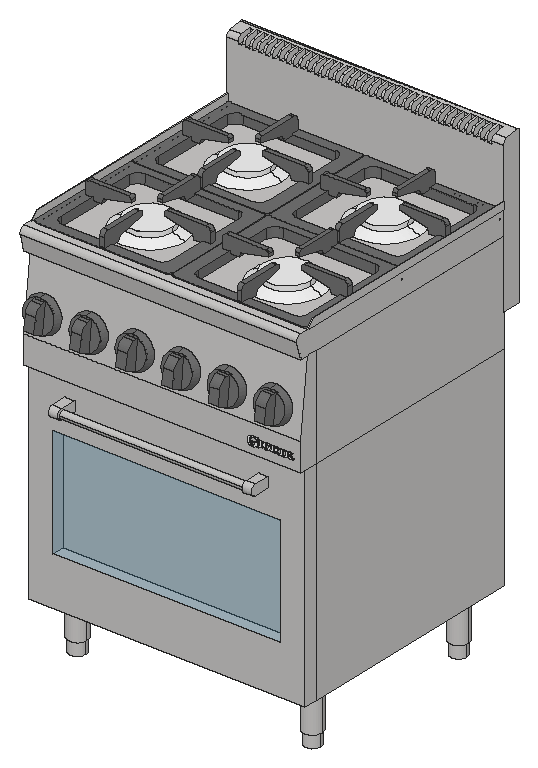
Revit family "QF_GIORIK_LPG694E", category Specialty Equipment, Revit 2014
Parameters (values of type "LPG694E")
  Weight in Pounds = 196.2112
  Watts = 2200 W
  Volts = 230 V
  URL Cutsheet = "www.giorik.com"
  URL = "www.giorik.com"
  Status [instance] = ""
  Specification by User [instance] = ""
  Specification by Manufacturer = ""
  Show Logo [instance] = yes
  Show Clearance [instance] = yes
  Serial Number = ""
  Seismic Rating = ""
  SMACNA No = ""
  Revision Code [instance] = ""
  Phase = 1
  Number of Poles [instance] = 1
  NAFEM Spec ID Number = ""
  Model = "LPG694E"
  Min Ckt Ampacity = 0 A
  Mechanical Remarks [instance] = ""
  Mechanical Connection Type [instance] = ""
  Max Overcurrent Protection = 0 A
  Masterspec = ""
  Manufacturer = "GIORIK"
  Item Number [instance] = ""
  Installed By [instance] = ""
  Identify Quantity as Lot [instance] = no
  HP = "2.950244000000"
  Gas Size = 1"
  Gas RI Height [instance] = 0 mm
  Gas KW = 19
  Gas Input = 19000 W
  Gas Connection Height [instance] = 600 mm
  Furnished By [instance] = ""
  Foodservice Equipment Identifier [instance] = yes
  FL Amps = 0 A
  Electrical Remarks [instance] = ""
  Electric Connection Type [instance] = ""
  Elec Conn RI Height [instance] = 0 mm
  Elec Conn Connection Height [instance] = 600 mm
  Description = "4 BURNERS BOILING TOP WITH ELECTRIC OVEN"
  Cycle = 50 Hz
  Conn Plug = ""
  Conn Conduit [instance] = no
  CSI MasterFormat = ""
  Assembly Code = "E1090320"
  Apparent Power = 2200 VA
Reference planes
  plane 1 "Back": y = 0
  plane 2: z = 0
  plane 3 "Left": x = 0
  plane 4 "Right": x = 600
  plane 5 "Front": y = -600
  plane 6 "Top": z = 990
Forms (mm)
  Extrusion 1, solid
    sketch origin (0, 1000, -20) x (0, 1, 0) y (0, 0, 1)
      loop
        line (-1040.007, 869.975) -> (-1589.445, 869.975)
        arc (-1589.445, 869.975) -> (-1598.171, 865.672) -> (-1600.069, 856.13) r 10.999
        line (-1600.069, 856.13) -> (-1590.388, 820) -> (-1040.007, 820) -> (-1040.007, 869.975)
    from 0 to 600
  Extrusion 2, solid
    sketch origin (0, 0, 599.536) x (1, 0, 0) y (0, 1, 0)
      loop
        line (0, -550) -> (600, -550) -> (600, -40.007) -> (0, -40.007) -> (0, -550)
    from -479.536 to -19.536
  Extrusion 3, solid
    sketch origin (0, -645.251, 0) x (1, 0, 0) y (0, 0, 1)
      loop
        line (0, 580) -> (0, 120) -> (600, 120) -> (600, 580) -> (0, 580)
      loop
        line (52.345, 225.367) -> (547.299, 225.367) -> (547.299, 465.345) -> (52.345, 465.345) -> (52.345, 225.367)
    from -95.251 to -67.204
  Extrusion 4, solid
    sketch origin (0, -560.251, 0) x (1, 0, 0) y (0, 0, 1)
      loop
        line (52.345, 465.345) -> (52.345, 225.367) -> (547.299, 225.367) -> (547.299, 465.345) -> (52.345, 465.345)
    from -10.251 to 17.796
  Revolve 5, solid
    sketch origin (-599.9, -105.49, 0) x (1, 0, 0) y (0, 0, 1)
      loop
        line (1133.944, 120) -> (1133.944, 28.558) -> (1137.444, 28.558) -> (1137.444, 0) -> (1154.944, 0) -> (1154.944, 120) -> (1133.944, 120)
      axis (1154.944, 120) -> (1154.944, 0)
    angle from 0 to 360
  Revolve 6, solid
    sketch origin (-599.9, -501.453, 0) x (1, 0, 0) y (0, 0, 1)
      loop
        line (1133.944, 120) -> (1133.944, 28.558) -> (1137.444, 28.558) -> (1137.444, 0) -> (1154.944, 0) -> (1154.944, 120) -> (1133.944, 120)
      axis (1154.944, 120) -> (1154.944, 0)
    angle from 0 to 360
  Extrusion 7, solid
    sketch origin (0, 0, 0) x (0, 1, 0) y (0, 0, 1)
      loop
        line (-570.06, 849.975) -> (-40.007, 849.975) -> (-40.007, 865.387) -> (-554.648, 865.387) -> (-570.06, 849.975)
    from 0 to 1.85
  Extrusion 8, solid
    sketch origin (0, 0, 0) x (0, 1, 0) y (0, 0, 1)
      loop
        line (-40.007, 800) -> (-550, 800) -> (-550, 580) -> (-40.007, 580) -> (-40.007, 800)
    from 0 to 600
  Extrusion 9, solid
    sketch origin (0, 0, 0) x (0, 1, 0) y (0, 0, 1)
      loop
        line (-550, 800) -> (-570.5, 800) -> (-590, 640) -> (-590, 580) -> (-550, 580) -> (-550, 800)
    from 0 to 600
  Revolve 10, solid
    sketch origin (50.155, 0.456, -0.03) x (0, 1, 0) y (0, 0, 1)
      loop
        line (-598.03, 706.389) -> (-594.27, 737.013) -> (-609.648, 734.852) -> (-613.772, 701.269) -> (-581.482, 697.305) -> (-580.629, 704.252) -> (-598.03, 706.389)
      axis (-581.482, 697.305) -> (-613.772, 701.269)
    angle from 0 to 360
  Extrusion 11, solid
    sketch origin (598.094, 0, 0) x (0, 1, 0) y (0, 0, 1)
      loop
        line (-570.06, 849.975) -> (-40.007, 849.975) -> (-40.007, 865.387) -> (-554.648, 865.387) -> (-570.06, 849.975)
    from -0.15 to 1.906
  Extrusion 12, solid
    sketch origin (0, 0, 0) x (0, 1, 0) y (0, 0, 1)
      loop
        line (-40.007, 974.217) -> (-40.007, 650.827) -> (0, 650.827) -> (0, 988.42)
        arc (0, 988.42) -> (-0.57, 989.648) -> (-1.878, 990) r 1.6
        line (-1.878, 990) -> (-31.072, 984.852)
        arc (-31.072, 984.852) -> (-37.477, 981.162) -> (-40.007, 974.217) r 10.797
    from 0 to 600
  Extrusion 13, solid
    sketch origin (-112.831, 0.456, -0.03) x (0, 1, 0) y (0, 0, 1)
      loop
        line (-635.843, 711.553) -> (-639.647, 680.575) -> (-617.415, 671.593) -> (-610.135, 730.882) -> (-617.934, 729.786)
        arc (-617.934, 729.786) -> (-629.982, 723.708) -> (-635.843, 711.553) r 20.998
    from 151.831 to 173.831
  Revolve 14, solid
    sketch origin (150.132, 0.456, -0.03) x (0, 1, 0) y (0, 0, 1)
      loop
        line (-598.03, 706.389) -> (-594.27, 737.013) -> (-609.648, 734.852) -> (-613.772, 701.269) -> (-581.482, 697.305) -> (-580.629, 704.252) -> (-598.03, 706.389)
      axis (-581.482, 697.305) -> (-613.772, 701.269)
    angle from 0 to 360
  Extrusion 15, solid
    sketch origin (-12.854, 0.456, -0.03) x (0, 1, 0) y (0, 0, 1)
      loop
        line (-635.843, 711.553) -> (-639.647, 680.575) -> (-617.415, 671.593) -> (-610.135, 730.882) -> (-617.934, 729.786)
        arc (-617.934, 729.786) -> (-629.982, 723.708) -> (-635.843, 711.553) r 20.998
    from 151.831 to 173.831
  Revolve 16, solid
    sketch origin (250.155, 0.456, -0.03) x (0, 1, 0) y (0, 0, 1)
      loop
        line (-598.03, 706.389) -> (-594.27, 737.013) -> (-609.648, 734.852) -> (-613.772, 701.269) -> (-581.482, 697.305) -> (-580.629, 704.252) -> (-598.03, 706.389)
      axis (-581.482, 697.305) -> (-613.772, 701.269)
    angle from 0 to 360
  Extrusion 17, solid
    sketch origin (87.169, 0.456, -0.03) x (0, 1, 0) y (0, 0, 1)
      loop
        line (-635.843, 711.553) -> (-639.647, 680.575) -> (-617.415, 671.593) -> (-610.135, 730.882) -> (-617.934, 729.786)
        arc (-617.934, 729.786) -> (-629.982, 723.708) -> (-635.843, 711.553) r 20.998
    from 151.831 to 173.831
  Revolve 18, solid
    sketch origin (350.155, 0.456, -0.03) x (0, 1, 0) y (0, 0, 1)
      loop
        line (-598.03, 706.389) -> (-594.27, 737.013) -> (-609.648, 734.852) -> (-613.772, 701.269) -> (-581.482, 697.305) -> (-580.629, 704.252) -> (-598.03, 706.389)
      axis (-581.482, 697.305) -> (-613.772, 701.269)
    angle from 0 to 360
  Extrusion 19, solid
    sketch origin (187.169, 0.456, -0.03) x (0, 1, 0) y (0, 0, 1)
      loop
        line (-635.843, 711.553) -> (-639.647, 680.575) -> (-617.415, 671.593) -> (-610.135, 730.882) -> (-617.934, 729.786)
        arc (-617.934, 729.786) -> (-629.982, 723.708) -> (-635.843, 711.553) r 20.998
    from 151.831 to 173.831
  Revolve 20, solid
    sketch origin (450.155, 0.456, -0.03) x (0, 1, 0) y (0, 0, 1)
      loop
        line (-598.03, 706.389) -> (-594.27, 737.013) -> (-609.648, 734.852) -> (-613.772, 701.269) -> (-581.482, 697.305) -> (-580.629, 704.252) -> (-598.03, 706.389)
      axis (-581.482, 697.305) -> (-613.772, 701.269)
    angle from 0 to 360
  Extrusion 21, solid
    sketch origin (287.169, 0.456, -0.03) x (0, 1, 0) y (0, 0, 1)
      loop
        line (-635.843, 711.553) -> (-639.647, 680.575) -> (-617.415, 671.593) -> (-610.135, 730.882) -> (-617.934, 729.786)
        arc (-617.934, 729.786) -> (-629.982, 723.708) -> (-635.843, 711.553) r 20.998
    from 151.831 to 173.831
  Revolve 22, solid
    sketch origin (550.155, 0.456, -0.03) x (0, 1, 0) y (0, 0, 1)
      loop
        line (-598.03, 706.389) -> (-594.27, 737.013) -> (-609.648, 734.852) -> (-613.772, 701.269) -> (-581.482, 697.305) -> (-580.629, 704.252) -> (-598.03, 706.389)
      axis (-581.482, 697.305) -> (-613.772, 701.269)
    angle from 0 to 360
  Extrusion 23, solid
    sketch origin (387.169, 0.456, -0.03) x (0, 1, 0) y (0, 0, 1)
      loop
        line (-635.843, 711.553) -> (-639.647, 680.575) -> (-617.415, 671.593) -> (-610.135, 730.882) -> (-617.934, 729.786)
        arc (-617.934, 729.786) -> (-629.982, 723.708) -> (-635.843, 711.553) r 20.998
    from 151.831 to 173.831
  Extrusion 24, solid
    sketch origin (0, 8.303, 0) x (0, 1, 0) y (0, 0, 1)
      loop
        line (-620.347, 517.339) -> (-586.35, 517.339) -> (-586.35, 539.337) -> (-620.347, 539.337)
        arc (-620.347, 539.337) -> (-631.346, 528.338) -> (-620.347, 517.339) r 10.999
    from 79.843 to 99.841
  Extrusion 25, solid
    sketch origin (419.961, 8.303, 0) x (0, 1, 0) y (0, 0, 1)
      loop
        line (-620.347, 517.339) -> (-586.35, 517.339) -> (-586.35, 539.337) -> (-620.347, 539.337)
        arc (-620.347, 539.337) -> (-631.346, 528.338) -> (-620.347, 517.339) r 10.999
    from 79.843 to 99.841
  Extrusion 26, solid
    sketch origin (0, 8.303, 0) x (0, 1, 0) y (0, 0, 1)
      loop
        circle (-620.347, 528.338) r 8
    from 99.841 to 499.803
  Extrusion 27, solid, visible <- "Show Clearance", detail levels coarse
    sketch origin (0, 0, 0) x (0, 1, 0) y (0, 0, 1)
      loop
        line (-578.047, 120) -> (-578.047, 580)
        arc (-578.047, 580) -> (-903.316, 445.269) -> (-1038.047, 120) r 460
        line (-1038.047, 120) -> (-578.047, 120)
    from 0 to 600
  Revolve 28, solid
    sketch origin (-1109.9, -105.49, 0) x (1, 0, 0) y (0, 0, 1)
      loop
        line (1133.944, 120) -> (1133.944, 28.558) -> (1137.444, 28.558) -> (1137.444, 0) -> (1154.944, 0) -> (1154.944, 120) -> (1133.944, 120)
      axis (1154.944, 120) -> (1154.944, 0)
    angle from 0 to 360
  Revolve 29, solid
    sketch origin (-1109.9, -501.453, 0) x (1, 0, 0) y (0, 0, 1)
      loop
        line (1133.944, 120) -> (1133.944, 28.558) -> (1137.444, 28.558) -> (1137.444, 0) -> (1154.944, 0) -> (1154.944, 120) -> (1133.944, 120)
      axis (1154.944, 120) -> (1154.944, 0)
    angle from 0 to 360
  Extrusion 30, solid
    sketch origin (568.319, 0, 4) x (1, 0, 0) y (0, 0, 1)
      loop
        circle (-38.319, 606) r 12.5
    from 20.007 to 40.007
  Extrusion 31, solid, visible <- "Show Logo"
    sketch origin (391.604, -590.5, 553.887) x (-1, 0, 0) y (0, 0, 1)
      loop
        line (-118.824, 58.358) -> (-127.804, 58.358) -> (-125.523, 56.445) -> (-125.523, 48.027) -> (-127.804, 46.113) -> (-118.824, 46.113) -> (-121.105, 48.027) -> (-121.105, 56.445) -> (-118.824, 58.358)
      loop
        line (-163.721, 58.358) -> (-172.7, 58.358) -> (-170.42, 56.445) -> (-170.42, 48.027) -> (-172.7, 46.113) -> (-163.721, 46.113) -> (-166.001, 48.027) -> (-166.001, 56.445) -> (-163.721, 58.358)
      loop
        line (-174.332, 58.358) -> (-183.312, 58.358) -> (-181.031, 56.445) -> (-181.031, 52.435) -> (-186.419, 56.955) -> (-184.416, 58.358) -> (-191.268, 58.358) -> (-188.01, 56.839) -> (-185.455, 54.283) -> (-190.846, 47.858) -> (-193.396, 46.93) -> (-193.396, 46.113) -> (-184.416, 46.113) -> (-185.437, 47.571) -> (-182.443, 51.552) -> (-181.031, 50.894) -> (-181.031, 48.027) -> (-183.312, 46.113) -> (-174.332, 46.113) -> (-176.613, 48.027) -> (-176.613, 56.445) -> (-174.332, 58.358)
      loop
        line (-115.429, 62.063) -> (-115.429, 54.198)
        arc (-115.429, 54.198) -> (-111.618, 57.803) -> (-106.847, 59.986) r 16.039
        arc (-106.847, 59.986) -> (-103.314, 59.837) -> (-100.512, 57.68) r 5.851
        arc (-100.512, 57.68) -> (-98.815, 52.267) -> (-100.512, 46.853) r 9.479
        arc (-100.512, 46.853) -> (-102.406, 44.986) -> (-104.846, 43.93) r 7.236
        arc (-104.846, 43.93) -> (-107.728, 44.111) -> (-110.052, 45.825) r 5.11
        line (-110.052, 45.825) -> (-110.052, 52.001) -> (-116.141, 52.001) -> (-116.141, 45.503) -> (-117.893, 43.751) -> (-114.094, 44.769)
        arc (-114.094, 44.769) -> (-112.56, 44.947) -> (-111.129, 44.366) r 3.115
        arc (-111.129, 44.366) -> (-104.216, 42.091) -> (-97.303, 44.366) r 11.641
        arc (-97.303, 44.366) -> (-93.396, 52.107) -> (-97.303, 59.849) r 9.622
        arc (-97.303, 59.849) -> (-104.369, 62.174) -> (-111.435, 59.849) r 11.898
        line (-111.435, 59.849) -> (-115.429, 62.063)
      loop
        arc (-129.234, 56.068) -> (-135.893, 58.628) -> (-142.552, 56.068) r 9.941
        arc (-142.552, 56.068) -> (-144.234, 52.286) -> (-142.552, 48.505) r 5.093
        arc (-142.552, 48.505) -> (-135.893, 45.945) -> (-129.234, 48.505) r 9.941
        arc (-129.234, 48.505) -> (-127.552, 52.286) -> (-129.234, 56.068) r 5.093
      loop
        arc (-132.628, 54.403) -> (-135.893, 57.668) -> (-139.158, 54.403) r 3.265
        line (-139.158, 54.403) -> (-139.158, 50.169)
        arc (-139.158, 50.169) -> (-135.893, 46.904) -> (-132.628, 50.169) r 3.265
        line (-132.628, 50.169) -> (-132.628, 54.403)
      loop
        arc (-156.363, 58.365) -> (-159.647, 55.081) -> (-156.363, 51.796) r 3.285
        line (-156.363, 51.796) -> (-159.529, 47.306) -> (-162.087, 46.113) -> (-155.847, 46.113) -> (-153.529, 51.083) -> (-150.637, 51.083) -> (-150.637, 47.784) -> (-153.022, 46.113) -> (-144.011, 46.113) -> (-146.094, 47.68) -> (-146.094, 56.493) -> (-144.229, 58.365) -> (-156.363, 58.365)
      loop
        line (-150.637, 57.512) -> (-153.637, 57.512)
        arc (-153.637, 57.512) -> (-156.237, 54.912) -> (-153.637, 52.312) r 2.6
        line (-153.637, 52.312) -> (-150.637, 52.312) -> (-150.637, 57.512)
      loop
        line (-108.924, 52.001) -> (-104.936, 49.005) -> (-100.948, 52.001) -> (-108.924, 52.001)
    from 1.5 to -0.5
  Extrusion 32, void
    sketch origin (10, 0, 990) x (0, 1, 0) y (-1, 0, 0)
      loop
        line (-40.007, -25) -> (-9.931, -25) -> (-9.931, -15) -> (-40.007, -15) -> (-40.007, -25)
      loop
        line (-40.007, -40) -> (-9.931, -40) -> (-9.931, -30) -> (-40.007, -30) -> (-40.007, -40)
      loop
        line (-40.007, -55) -> (-9.931, -55) -> (-9.931, -45) -> (-40.007, -45) -> (-40.007, -55)
      loop
        line (-40.007, -70) -> (-9.931, -70) -> (-9.931, -60) -> (-40.007, -60) -> (-40.007, -70)
      loop
        line (-40.007, -85) -> (-9.931, -85) -> (-9.931, -75) -> (-40.007, -75) -> (-40.007, -85)
      loop
        line (-40.007, -100) -> (-9.931, -100) -> (-9.931, -90) -> (-40.007, -90) -> (-40.007, -100)
      loop
        line (-40.007, -115) -> (-9.931, -115) -> (-9.931, -105) -> (-40.007, -105) -> (-40.007, -115)
      loop
        line (-40.007, -130) -> (-9.931, -130) -> (-9.931, -120) -> (-40.007, -120) -> (-40.007, -130)
      loop
        line (-40.007, -145) -> (-9.931, -145) -> (-9.931, -135) -> (-40.007, -135) -> (-40.007, -145)
      loop
        line (-40.007, -160) -> (-9.931, -160) -> (-9.931, -150) -> (-40.007, -150) -> (-40.007, -160)
      loop
        line (-40.007, -175) -> (-9.931, -175) -> (-9.931, -165) -> (-40.007, -165) -> (-40.007, -175)
      loop
        line (-40.007, -190) -> (-9.931, -190) -> (-9.931, -180) -> (-40.007, -180) -> (-40.007, -190)
      loop
        line (-40.007, -205) -> (-9.931, -205) -> (-9.931, -195) -> (-40.007, -195) -> (-40.007, -205)
      loop
        line (-40.007, -220) -> (-9.931, -220) -> (-9.931, -210) -> (-40.007, -210) -> (-40.007, -220)
      loop
        line (-40.007, -235) -> (-9.931, -235) -> (-9.931, -225) -> (-40.007, -225) -> (-40.007, -235)
      loop
        line (-40.007, -250) -> (-9.931, -250) -> (-9.931, -240) -> (-40.007, -240) -> (-40.007, -250)
      loop
        line (-40.007, -265) -> (-9.931, -265) -> (-9.931, -255) -> (-40.007, -255) -> (-40.007, -265)
      loop
        line (-40.007, -280) -> (-9.931, -280) -> (-9.931, -270) -> (-40.007, -270) -> (-40.007, -280)
      loop
        line (-40.007, -295) -> (-9.931, -295) -> (-9.931, -285) -> (-40.007, -285) -> (-40.007, -295)
      loop
        line (-40.007, -310) -> (-9.931, -310) -> (-9.931, -300) -> (-40.007, -300) -> (-40.007, -310)
      loop
        line (-40.007, -325) -> (-9.931, -325) -> (-9.931, -315) -> (-40.007, -315) -> (-40.007, -325)
      loop
        line (-40.007, -340) -> (-9.931, -340) -> (-9.931, -330) -> (-40.007, -330) -> (-40.007, -340)
      loop
        line (-40.007, -355) -> (-9.931, -355) -> (-9.931, -345) -> (-40.007, -345) -> (-40.007, -355)
      loop
        line (-40.007, -370) -> (-9.931, -370) -> (-9.931, -360) -> (-40.007, -360) -> (-40.007, -370)
      loop
        line (-40.007, -385) -> (-9.931, -385) -> (-9.931, -375) -> (-40.007, -375) -> (-40.007, -385)
      loop
        line (-40.007, -400) -> (-9.931, -400) -> (-9.931, -390) -> (-40.007, -390) -> (-40.007, -400)
      loop
        line (-40.007, -415) -> (-9.931, -415) -> (-9.931, -405) -> (-40.007, -405) -> (-40.007, -415)
      loop
        line (-40.007, -430) -> (-9.931, -430) -> (-9.931, -420) -> (-40.007, -420) -> (-40.007, -430)
      loop
        line (-40.007, -445) -> (-9.931, -445) -> (-9.931, -435) -> (-40.007, -435) -> (-40.007, -445)
      loop
        line (-40.007, -460) -> (-9.931, -460) -> (-9.931, -450) -> (-40.007, -450) -> (-40.007, -460)
      loop
        line (-40.007, -475) -> (-9.931, -475) -> (-9.931, -465) -> (-40.007, -465) -> (-40.007, -475)
      loop
        line (-40.007, -490) -> (-9.931, -490) -> (-9.931, -480) -> (-40.007, -480) -> (-40.007, -490)
      loop
        line (-40.007, -505) -> (-9.931, -505) -> (-9.931, -495) -> (-40.007, -495) -> (-40.007, -505)
      loop
        line (-40.007, -520) -> (-9.931, -520) -> (-9.931, -510) -> (-40.007, -510) -> (-40.007, -520)
      loop
        line (-40.007, -535) -> (-9.931, -535) -> (-9.931, -525) -> (-40.007, -525) -> (-40.007, -535)
      loop
        line (-40.007, -550) -> (-9.931, -550) -> (-9.931, -540) -> (-40.007, -540) -> (-40.007, -550)
      loop
        line (-40.007, -565) -> (-9.931, -565) -> (-9.931, -555) -> (-40.007, -555) -> (-40.007, -565)
    from 0 to -20
  Extrusion 33, solid
    sketch origin (0, 0, 0) x (1, 0, 0) y (0, 0, 1)
      loop
        line (66.044, 120) -> (66.044, 95) -> (534.044, 95) -> (534.044, 120) -> (66.044, 120)
    from 141.49 to 465.453
  Extrusion 34, solid
    sketch origin (643.85, 49.993, -1.014) x (-1, 0, 0) y (0, -1, 0)
      loop
        arc (46, 100) -> (48.929, 92.929) -> (56, 90) r 10
        line (56, 90) -> (334, 90)
        arc (334, 90) -> (341.071, 92.929) -> (344, 100) r 10
        line (344, 100) -> (344, 345)
        arc (344, 345) -> (341.071, 352.071) -> (334, 355) r 10
        line (334, 355) -> (56, 355)
        arc (56, 355) -> (48.929, 352.071) -> (46, 345) r 10
        line (46, 345) -> (46, 100)
      loop
        line (95, 110) -> (295, 110)
        arc (295, 110) -> (309.142, 115.858) -> (315, 130) r 20
        line (315, 130) -> (315, 315)
        arc (315, 315) -> (309.142, 329.142) -> (295, 335) r 20
        line (295, 335) -> (95, 335)
        arc (95, 335) -> (80.858, 329.142) -> (75, 315) r 20
        line (75, 315) -> (75, 130)
        arc (75, 130) -> (80.858, 115.858) -> (95, 110) r 20
    from 831.989 to 851.989
  Blend 35, solid
    base sketch origin (648.895, -448.956, 890.999) x (0, -1, 0) y (1, 0, 0)
      loop
        circle (-276.449, -200.046) r 75
    top sketch origin (648.895, -448.956, 890.999) x (0, -1, 0) y (1, 0, 0)
      loop
        circle (-276.449, -200.046) r 50
    from -60.023 to -50
  Extrusion 36, solid
    sketch origin (648.895, 103.942, -38.989) x (-1, 0, 0) y (0, -1, 0)
      loop
        circle (200.046, 276.449) r 50
    from 889.988 to 879.988
  Extrusion 37, solid
    sketch origin (408.129, -28.018, -90.003) x (0, -1, 0) y (0, 0, -1)
      loop
        line (15.989, -935.989) -> (15.989, -961)
        arc (15.989, -961) -> (18.918, -968.071) -> (25.989, -971) r 10
        line (25.989, -971) -> (109.989, -971)
        arc (109.989, -971) -> (114.232, -969.243) -> (115.989, -965) r 6
        line (115.989, -965) -> (115.989, -959.716) -> (55.875, -945.989) -> (52.235, -935.989) -> (15.989, -935.989)
    from 35.72 to 45.72
  Extrusion 38, solid
    sketch origin (600.839, -131.786, -90.003) x (-1, 0, 0) y (0, 0, -1)
      loop
        line (15.989, -935.989) -> (15.989, -961)
        arc (15.989, -961) -> (18.918, -968.071) -> (25.989, -971) r 10
        line (25.989, -971) -> (109.989, -971)
        arc (109.989, -971) -> (114.232, -969.243) -> (115.989, -965) r 6
        line (115.989, -965) -> (115.989, -959.716) -> (55.875, -945.989) -> (52.235, -935.989) -> (15.989, -935.989)
    from 35.72 to 45.72
  Extrusion 39, solid
    sketch origin (296.861, -131.786, -90.003) x (1, 0, 0) y (0, 0, 1)
      loop
        line (15.989, 935.989) -> (52.235, 935.989) -> (55.875, 945.989) -> (115.989, 959.716) -> (115.989, 965)
        arc (115.989, 965) -> (114.232, 969.243) -> (109.989, 971) r 6
        line (109.989, 971) -> (25.989, 971)
        arc (25.989, 971) -> (18.918, 968.071) -> (15.989, 961) r 10
        line (15.989, 961) -> (15.989, 935.989)
    from 35.72 to 45.72
  Extrusion 40, solid
    sketch origin (408.129, -316.996, -90.003) x (0, 1, 0) y (0, 0, 1)
      loop
        line (15.989, 935.989) -> (52.235, 935.989) -> (55.875, 945.989) -> (115.989, 959.716) -> (115.989, 965)
        arc (115.989, 965) -> (114.232, 969.243) -> (109.989, 971) r 6
        line (109.989, 971) -> (25.989, 971)
        arc (25.989, 971) -> (18.918, 968.071) -> (15.989, 961) r 10
        line (15.989, 961) -> (15.989, 935.989)
    from 35.72 to 45.72
  Extrusion 41, solid
    sketch origin (-44.15, 49.993, -1.014) x (1, 0, 0) y (0, 1, 0)
      loop
        line (46, -100) -> (46, -345)
        arc (46, -345) -> (48.929, -352.071) -> (56, -355) r 10
        line (56, -355) -> (334, -355)
        arc (334, -355) -> (341.071, -352.071) -> (344, -345) r 10
        line (344, -345) -> (344, -100)
        arc (344, -100) -> (341.071, -92.929) -> (334, -90) r 10
        line (334, -90) -> (56, -90)
        arc (56, -90) -> (48.929, -92.929) -> (46, -100) r 10
      loop
        arc (95, -110) -> (80.858, -115.858) -> (75, -130) r 20
        line (75, -130) -> (75, -315)
        arc (75, -315) -> (80.858, -329.142) -> (95, -335) r 20
        line (95, -335) -> (295, -335)
        arc (295, -335) -> (309.142, -329.142) -> (315, -315) r 20
        line (315, -315) -> (315, -130)
        arc (315, -130) -> (309.142, -115.858) -> (295, -110) r 20
        line (295, -110) -> (95, -110)
    from 831.989 to 851.989
  Blend 42, solid
    base sketch origin (-49.196, -448.956, 890.999) x (0, -1, 0) y (1, 0, 0)
      loop
        circle (-276.449, 200.046) r 75
    top sketch origin (-49.196, -448.956, 890.999) x (0, -1, 0) y (1, 0, 0)
      loop
        circle (-276.449, 200.046) r 50
    from -60.023 to -50
  Extrusion 43, solid
    sketch origin (-49.196, 103.942, -38.989) x (1, 0, 0) y (0, 1, 0)
      loop
        circle (200.046, -276.449) r 50
    from 889.988 to 879.988
  Extrusion 44, solid
    sketch origin (191.57, -28.018, -90.003) x (0, -1, 0) y (0, 0, 1)
      loop
        line (15.989, 935.989) -> (52.235, 935.989) -> (55.875, 945.989) -> (115.989, 959.716) -> (115.989, 965)
        arc (115.989, 965) -> (114.232, 969.243) -> (109.989, 971) r 6
        line (109.989, 971) -> (25.989, 971)
        arc (25.989, 971) -> (18.918, 968.071) -> (15.989, 961) r 10
        line (15.989, 961) -> (15.989, 935.989)
    from 35.72 to 45.72
  Extrusion 45, solid
    sketch origin (-1.139, -131.786, -90.003) x (1, 0, 0) y (0, 0, 1)
      loop
        line (15.989, 935.989) -> (52.235, 935.989) -> (55.875, 945.989) -> (115.989, 959.716) -> (115.989, 965)
        arc (115.989, 965) -> (114.232, 969.243) -> (109.989, 971) r 6
        line (109.989, 971) -> (25.989, 971)
        arc (25.989, 971) -> (18.918, 968.071) -> (15.989, 961) r 10
        line (15.989, 961) -> (15.989, 935.989)
    from 35.72 to 45.72
  Extrusion 46, solid
    sketch origin (302.839, -131.786, -90.003) x (-1, 0, 0) y (0, 0, -1)
      loop
        line (15.989, -935.989) -> (15.989, -961)
        arc (15.989, -961) -> (18.918, -968.071) -> (25.989, -971) r 10
        line (25.989, -971) -> (109.989, -971)
        arc (109.989, -971) -> (114.232, -969.243) -> (115.989, -965) r 6
        line (115.989, -965) -> (115.989, -959.716) -> (55.875, -945.989) -> (52.235, -935.989) -> (15.989, -935.989)
    from 35.72 to 45.72
  Extrusion 47, solid
    sketch origin (191.57, -316.996, -90.003) x (0, 1, 0) y (0, 0, -1)
      loop
        line (15.989, -935.989) -> (15.989, -961)
        arc (15.989, -961) -> (18.918, -968.071) -> (25.989, -971) r 10
        line (25.989, -971) -> (109.989, -971)
        arc (109.989, -971) -> (114.232, -969.243) -> (115.989, -965) r 6
        line (115.989, -965) -> (115.989, -959.716) -> (55.875, -945.989) -> (52.235, -935.989) -> (15.989, -935.989)
    from 35.72 to 45.72
  Extrusion 48, solid
    sketch origin (643.85, -660.007, -1.014) x (-1, 0, 0) y (0, -1, 0)
      loop
        line (46, -100) -> (46, -345)
        arc (46, -345) -> (48.929, -352.071) -> (56, -355) r 10
        line (56, -355) -> (334, -355)
        arc (334, -355) -> (341.071, -352.071) -> (344, -345) r 10
        line (344, -345) -> (344, -100)
        arc (344, -100) -> (341.071, -92.929) -> (334, -90) r 10
        line (334, -90) -> (56, -90)
        arc (56, -90) -> (48.929, -92.929) -> (46, -100) r 10
      loop
        arc (95, -110) -> (80.858, -115.858) -> (75, -130) r 20
        line (75, -130) -> (75, -315)
        arc (75, -315) -> (80.858, -329.142) -> (95, -335) r 20
        line (95, -335) -> (295, -335)
        arc (295, -335) -> (309.142, -329.142) -> (315, -315) r 20
        line (315, -315) -> (315, -130)
        arc (315, -130) -> (309.142, -115.858) -> (295, -110) r 20
        line (295, -110) -> (95, -110)
    from 831.989 to 851.989
  Blend 49, solid
    base sketch origin (648.895, -161.058, 890.999) x (0, 1, 0) y (-1, 0, 0)
      loop
        circle (-276.449, 200.046) r 75
    top sketch origin (648.895, -161.058, 890.999) x (0, 1, 0) y (-1, 0, 0)
      loop
        circle (-276.449, 200.046) r 50
    from -60.023 to -50
  Extrusion 50, solid
    sketch origin (648.895, -713.955, -38.989) x (-1, 0, 0) y (0, -1, 0)
      loop
        circle (200.046, -276.449) r 50
    from 889.988 to 879.988
  Extrusion 51, solid
    sketch origin (408.129, -581.996, -90.003) x (0, 1, 0) y (0, 0, 1)
      loop
        line (15.989, 935.989) -> (52.235, 935.989) -> (55.875, 945.989) -> (115.989, 959.716) -> (115.989, 965)
        arc (115.989, 965) -> (114.232, 969.243) -> (109.989, 971) r 6
        line (109.989, 971) -> (25.989, 971)
        arc (25.989, 971) -> (18.918, 968.071) -> (15.989, 961) r 10
        line (15.989, 961) -> (15.989, 935.989)
    from 35.72 to 45.72
  Extrusion 52, solid
    sketch origin (600.839, -478.227, -90.003) x (-1, 0, 0) y (0, 0, 1)
      loop
        line (15.989, 935.989) -> (52.235, 935.989) -> (55.875, 945.989) -> (115.989, 959.716) -> (115.989, 965)
        arc (115.989, 965) -> (114.232, 969.243) -> (109.989, 971) r 6
        line (109.989, 971) -> (25.989, 971)
        arc (25.989, 971) -> (18.918, 968.071) -> (15.989, 961) r 10
        line (15.989, 961) -> (15.989, 935.989)
    from 35.72 to 45.72
  Extrusion 53, solid
    sketch origin (296.861, -478.227, -90.003) x (1, 0, 0) y (0, 0, -1)
      loop
        line (15.989, -935.989) -> (15.989, -961)
        arc (15.989, -961) -> (18.918, -968.071) -> (25.989, -971) r 10
        line (25.989, -971) -> (109.989, -971)
        arc (109.989, -971) -> (114.232, -969.243) -> (115.989, -965) r 6
        line (115.989, -965) -> (115.989, -959.716) -> (55.875, -945.989) -> (52.235, -935.989) -> (15.989, -935.989)
    from 35.72 to 45.72
  Extrusion 54, solid
    sketch origin (408.129, -293.018, -90.003) x (0, -1, 0) y (0, 0, -1)
      loop
        line (15.989, -935.989) -> (15.989, -961)
        arc (15.989, -961) -> (18.918, -968.071) -> (25.989, -971) r 10
        line (25.989, -971) -> (109.989, -971)
        arc (109.989, -971) -> (114.232, -969.243) -> (115.989, -965) r 6
        line (115.989, -965) -> (115.989, -959.716) -> (55.875, -945.989) -> (52.235, -935.989) -> (15.989, -935.989)
    from 35.72 to 45.72
  Extrusion 55, solid
    sketch origin (-44.15, -660.007, -1.014) x (1, 0, 0) y (0, 1, 0)
      loop
        arc (46, 100) -> (48.929, 92.929) -> (56, 90) r 10
        line (56, 90) -> (334, 90)
        arc (334, 90) -> (341.071, 92.929) -> (344, 100) r 10
        line (344, 100) -> (344, 345)
        arc (344, 345) -> (341.071, 352.071) -> (334, 355) r 10
        line (334, 355) -> (56, 355)
        arc (56, 355) -> (48.929, 352.071) -> (46, 345) r 10
        line (46, 345) -> (46, 100)
      loop
        line (95, 110) -> (295, 110)
        arc (295, 110) -> (309.142, 115.858) -> (315, 130) r 20
        line (315, 130) -> (315, 315)
        arc (315, 315) -> (309.142, 329.142) -> (295, 335) r 20
        line (295, 335) -> (95, 335)
        arc (95, 335) -> (80.858, 329.142) -> (75, 315) r 20
        line (75, 315) -> (75, 130)
        arc (75, 130) -> (80.858, 115.858) -> (95, 110) r 20
    from 831.989 to 851.989
  Blend 56, solid
    base sketch origin (-49.196, -161.058, 890.999) x (0, 1, 0) y (-1, 0, 0)
      loop
        circle (-276.449, -200.046) r 75
    top sketch origin (-49.196, -161.058, 890.999) x (0, 1, 0) y (-1, 0, 0)
      loop
        circle (-276.449, -200.046) r 50
    from -60.023 to -50
  Extrusion 57, solid
    sketch origin (-49.196, -713.955, -38.989) x (1, 0, 0) y (0, 1, 0)
      loop
        circle (200.046, 276.449) r 50
    from 889.988 to 879.988
  Extrusion 58, solid
    sketch origin (191.57, -581.996, -90.003) x (0, 1, 0) y (0, 0, -1)
      loop
        line (15.989, -935.989) -> (15.989, -961)
        arc (15.989, -961) -> (18.918, -968.071) -> (25.989, -971) r 10
        line (25.989, -971) -> (109.989, -971)
        arc (109.989, -971) -> (114.232, -969.243) -> (115.989, -965) r 6
        line (115.989, -965) -> (115.989, -959.716) -> (55.875, -945.989) -> (52.235, -935.989) -> (15.989, -935.989)
    from 35.72 to 45.72
  Extrusion 59, solid
    sketch origin (-1.139, -478.227, -90.003) x (1, 0, 0) y (0, 0, -1)
      loop
        line (15.989, -935.989) -> (15.989, -961)
        arc (15.989, -961) -> (18.918, -968.071) -> (25.989, -971) r 10
        line (25.989, -971) -> (109.989, -971)
        arc (109.989, -971) -> (114.232, -969.243) -> (115.989, -965) r 6
        line (115.989, -965) -> (115.989, -959.716) -> (55.875, -945.989) -> (52.235, -935.989) -> (15.989, -935.989)
    from 35.72 to 45.72
  Extrusion 60, solid
    sketch origin (302.839, -478.227, -90.003) x (-1, 0, 0) y (0, 0, 1)
      loop
        line (15.989, 935.989) -> (52.235, 935.989) -> (55.875, 945.989) -> (115.989, 959.716) -> (115.989, 965)
        arc (115.989, 965) -> (114.232, 969.243) -> (109.989, 971) r 6
        line (109.989, 971) -> (25.989, 971)
        arc (25.989, 971) -> (18.918, 968.071) -> (15.989, 961) r 10
        line (15.989, 961) -> (15.989, 935.989)
    from 35.72 to 45.72
  Extrusion 61, solid
    sketch origin (191.57, -293.018, -90.003) x (0, -1, 0) y (0, 0, 1)
      loop
        line (15.989, 935.989) -> (52.235, 935.989) -> (55.875, 945.989) -> (115.989, 959.716) -> (115.989, 965)
        arc (115.989, 965) -> (114.232, 969.243) -> (109.989, 971) r 6
        line (109.989, 971) -> (25.989, 971)
        arc (25.989, 971) -> (18.918, 968.071) -> (15.989, 961) r 10
        line (15.989, 961) -> (15.989, 935.989)
    from 35.72 to 45.72
  Extrusion 62, void
    sketch origin (0, 0, 990) x (0, 1, 0) y (-1, 0, 0)
      loop
        line (-49.67, -11.398) -> (-560.158, -11.398) -> (-560.158, -584.029) -> (-49.67, -584.029) -> (-49.67, -11.398)
    from -160.025 to -140.025
Cuts and joins
  Extrusion 32 cuts Extrusion 2
  Extrusion 32 cuts Extrusion 12
  Extrusion 62 cuts Extrusion 1
Lines and regions (mm)
  symbolic lines, style "200-EquipBorder-2D"
    curve 1: line (600, 0, 0) -> (0, 0, 0)
    curve 2: line (0, 0, 0) -> (0, -600, 0)
    curve 122: line (600, -600, 990) -> (600, 0, 990)
    curve 123: line (499.803, -604.044, 990) -> (486.56, -604.044, 990)
    curve 124: line (499.803, -620.044, 990) -> (461, -620.044, 990)
    curve 125: line (499.803, -623.043, 990) -> (519.801, -623.043, 990)
    curve 126: line (519.801, -623.043, 990) -> (519.801, -615.086, 990)
    curve 127: line (439, -620.044, 990) -> (361, -620.044, 990)
    curve 128: line (339, -620.044, 990) -> (261, -620.044, 990)
    curve 129: line (239, -620.044, 990) -> (160.977, -620.044, 990)
    curve 130: line (138.977, -620.044, 990) -> (99.841, -620.044, 990)
    curve 131: line (499.803, -623.043, 990) -> (499.803, -620.044, 990)
    curve 132: line (499.803, -604.044, 990) -> (499.803, -600, 990)
    curve 133: line (413.724, -603.948, 990) -> (386.587, -603.948, 990)
    curve 134: line (313.744, -604.018, 990) -> (286.567, -604.018, 990)
    curve 135: line (213.75, -604.039, 990) -> (186.538, -604.039, 990)
    curve 136: line (99.841, -600, 990) -> (99.841, -604.044, 990)
    curve 137: line (99.841, -604.044, 990) -> (113.728, -604.044, 990)
    curve 138: line (99.841, -620.044, 990) -> (99.841, -623.043, 990)
    curve 139: line (99.841, -623.043, 990) -> (79.843, -623.043, 990)
    curve 140: line (79.843, -623.043, 990) -> (79.843, -615.278, 990)
    curve 141: line (600, -600, 990) -> (0, -600, 990)
    curve 142: spline (39, -617.202, 990) -> (35.789, -617.041, 990) -> (32.73, -616.841, 990) -> (29.856, -616.604, 990) -> (27.196, -616.332, 990) -> (24.779, -616.028, 990) -> (22.63, -615.696, 990) -> (20.772, -615.338, 990) -> (19.225, -614.96, 990) -> (18.004, -614.563, 990) -> (17.122, -614.154, 990) -> (16.59, -613.736, 990) -> (16.412, -613.313, 990)
    curve 143: spline (84.073, -613.408, 990) -> (83.819, -613.826, 990) -> (83.218, -614.239, 990) -> (82.275, -614.643, 990) -> (81.001, -615.033, 990) -> (79.408, -615.405, 990) -> (77.513, -615.755, 990) -> (75.336, -616.08, 990) -> (72.898, -616.376, 990) -> (70.227, -616.641, 990) -> (67.348, -616.871, 990) -> (64.293, -617.065, 990) -> (61.091, -617.219, 990)
    curve 144: line (16.412, -613.313, 990) -> (12.735, -600, 990)
    curve 145: line (84.073, -613.408, 990) -> (87.578, -600, 990)
    curve 146: line (39, -639.19, 430) -> (39, -609.679, 430)
    curve 147: line (39, -639.19, 430) -> (61, -639.19, 430)
    curve 148: line (61, -639.19, 430) -> (61, -609.679, 430)
    curve 149: spline (16.412, -613.313, 430) -> (17.564, -612.264, 430) -> (20.941, -611.286, 430) -> (26.314, -610.446, 430) -> (33.316, -609.802, 430) -> (41.47, -609.396, 430) -> (50.22, -609.258, 430) -> (58.97, -609.396, 430) -> (67.124, -609.802, 430) -> (74.126, -610.446, 430) -> (79.499, -611.286, 430) -> (82.877, -612.264, 430) -> (84.029, -613.313, 430)
    curve 150: line (39, -609.679, 430) -> (61, -609.679, 430)
    curve 151: spline (138.977, -617.202, 990) -> (135.765, -617.041, 990) -> (132.707, -616.841, 990) -> (129.832, -616.604, 990) -> (127.172, -616.332, 990) -> (124.756, -616.028, 990) -> (122.607, -615.696, 990) -> (120.749, -615.338, 990) -> (119.201, -614.96, 990) -> (117.98, -614.563, 990) -> (117.099, -614.154, 990) -> (116.566, -613.736, 990) -> (116.388, -613.313, 990)
    curve 152: spline (184.05, -613.408, 990) -> (183.796, -613.826, 990) -> (183.195, -614.239, 990) -> (182.252, -614.643, 990) -> (180.977, -615.033, 990) -> (179.384, -615.405, 990) -> (177.489, -615.755, 990) -> (175.312, -616.08, 990) -> (172.875, -616.376, 990) -> (170.203, -616.641, 990) -> (167.325, -616.871, 990) -> (164.269, -617.065, 990) -> (161.068, -617.219, 990)
    curve 153: line (116.388, -613.313, 990) -> (112.711, -600, 990)
    curve 154: line (184.05, -613.408, 990) -> (187.555, -600, 990)
    curve 155: line (138.977, -639.19, 430) -> (138.977, -609.679, 430)
    curve 156: line (138.977, -639.19, 430) -> (160.977, -639.19, 430)
    curve 157: line (160.977, -639.19, 430) -> (160.977, -609.679, 430)
    curve 158: spline (116.388, -613.313, 430) -> (117.54, -612.264, 430) -> (120.918, -611.286, 430) -> (126.29, -610.446, 430) -> (133.292, -609.802, 430) -> (141.446, -609.396, 430) -> (150.197, -609.258, 430) -> (158.947, -609.396, 430) -> (167.101, -609.802, 430) -> (174.103, -610.446, 430) -> (179.476, -611.286, 430) -> (182.853, -612.264, 430) -> (184.005, -613.313, 430)
    curve 159: line (138.977, -609.679, 430) -> (160.977, -609.679, 430)
    curve 160: spline (239, -617.202, 990) -> (235.789, -617.041, 990) -> (232.73, -616.841, 990) -> (229.856, -616.604, 990) -> (227.196, -616.332, 990) -> (224.779, -616.028, 990) -> (222.63, -615.696, 990) -> (220.772, -615.338, 990) -> (219.225, -614.96, 990) -> (218.004, -614.563, 990) -> (217.122, -614.154, 990) -> (216.59, -613.736, 990) -> (216.412, -613.313, 990)
    curve 161: spline (284.073, -613.408, 990) -> (283.819, -613.826, 990) -> (283.218, -614.239, 990) -> (282.275, -614.643, 990) -> (281.001, -615.033, 990) -> (279.408, -615.405, 990) -> (277.513, -615.755, 990) -> (275.336, -616.08, 990) -> (272.898, -616.376, 990) -> (270.227, -616.641, 990) -> (267.348, -616.871, 990) -> (264.293, -617.065, 990) -> (261.091, -617.219, 990)
    curve 162: line (216.412, -613.313, 990) -> (212.735, -600, 990)
    curve 163: line (284.073, -613.408, 990) -> (287.578, -600, 990)
    curve 164: line (239, -639.19, 430) -> (239, -609.679, 430)
    curve 165: line (239, -639.19, 430) -> (261, -639.19, 430)
    curve 166: line (261, -639.19, 430) -> (261, -609.679, 430)
    curve 167: spline (216.412, -613.313, 430) -> (217.564, -612.264, 430) -> (220.941, -611.286, 430) -> (226.314, -610.446, 430) -> (233.316, -609.802, 430) -> (241.47, -609.396, 430) -> (250.22, -609.258, 430) -> (258.97, -609.396, 430) -> (267.124, -609.802, 430) -> (274.126, -610.446, 430) -> (279.499, -611.286, 430) -> (282.877, -612.264, 430) -> (284.029, -613.313, 430)
    curve 168: line (239, -609.679, 430) -> (261, -609.679, 430)
    curve 169: spline (339, -617.202, 990) -> (335.789, -617.041, 990) -> (332.73, -616.841, 990) -> (329.856, -616.604, 990) -> (327.196, -616.332, 990) -> (324.779, -616.028, 990) -> (322.63, -615.696, 990) -> (320.772, -615.338, 990) -> (319.225, -614.96, 990) -> (318.004, -614.563, 990) -> (317.122, -614.154, 990) -> (316.59, -613.736, 990) -> (316.412, -613.313, 990)
    curve 170: spline (384.073, -613.408, 990) -> (383.819, -613.826, 990) -> (383.218, -614.239, 990) -> (382.275, -614.643, 990) -> (381.001, -615.033, 990) -> (379.408, -615.405, 990) -> (377.513, -615.755, 990) -> (375.336, -616.08, 990) -> (372.898, -616.376, 990) -> (370.227, -616.641, 990) -> (367.348, -616.871, 990) -> (364.293, -617.065, 990) -> (361.091, -617.219, 990)
    curve 171: line (316.412, -613.313, 990) -> (312.735, -600, 990)
    curve 172: line (384.073, -613.408, 990) -> (387.578, -600, 990)
    curve 173: line (339, -639.19, 430) -> (339, -609.679, 430)
    curve 174: line (339, -639.19, 430) -> (361, -639.19, 430)
    curve 175: line (361, -639.19, 430) -> (361, -609.679, 430)
    curve 176: spline (316.412, -613.313, 430) -> (317.564, -612.264, 430) -> (320.941, -611.286, 430) -> (326.314, -610.446, 430) -> (333.316, -609.802, 430) -> (341.47, -609.396, 430) -> (350.22, -609.258, 430) -> (358.97, -609.396, 430) -> (367.124, -609.802, 430) -> (374.126, -610.446, 430) -> (379.499, -611.286, 430) -> (382.877, -612.264, 430) -> (384.029, -613.313, 430)
    curve 177: line (339, -609.679, 430) -> (361, -609.679, 430)
    curve 178: spline (439, -617.202, 990) -> (435.789, -617.041, 990) -> (432.73, -616.841, 990) -> (429.856, -616.604, 990) -> (427.196, -616.332, 990) -> (424.779, -616.028, 990) -> (422.63, -615.696, 990) -> (420.772, -615.338, 990) -> (419.225, -614.96, 990) -> (418.004, -614.563, 990) -> (417.122, -614.154, 990) -> (416.59, -613.736, 990) -> (416.412, -613.313, 990)
    curve 179: spline (484.073, -613.408, 990) -> (483.819, -613.826, 990) -> (483.218, -614.239, 990) -> (482.275, -614.643, 990) -> (481.001, -615.033, 990) -> (479.408, -615.405, 990) -> (477.513, -615.755, 990) -> (475.336, -616.08, 990) -> (472.898, -616.376, 990) -> (470.227, -616.641, 990) -> (467.348, -616.871, 990) -> (464.293, -617.065, 990) -> (461.091, -617.219, 990)
    curve 180: line (416.412, -613.313, 990) -> (412.735, -600, 990)
    curve 181: line (484.073, -613.408, 990) -> (487.578, -600, 990)
    curve 182: line (439, -639.19, 430) -> (439, -609.679, 430)
    curve 183: line (439, -639.19, 430) -> (461, -639.19, 430)
    curve 184: line (461, -639.19, 430) -> (461, -609.679, 430)
    curve 185: spline (416.412, -613.313, 430) -> (417.564, -612.264, 430) -> (420.941, -611.286, 430) -> (426.314, -610.446, 430) -> (433.316, -609.802, 430) -> (441.47, -609.396, 430) -> (450.22, -609.258, 430) -> (458.97, -609.396, 430) -> (467.124, -609.802, 430) -> (474.126, -610.446, 430) -> (479.499, -611.286, 430) -> (482.877, -612.264, 430) -> (484.029, -613.313, 430)
    curve 186: line (439, -609.679, 430) -> (461, -609.679, 430)
    curve 187: spline (539, -617.202, 990) -> (535.789, -617.041, 990) -> (532.73, -616.841, 990) -> (529.856, -616.604, 990) -> (527.196, -616.332, 990) -> (524.779, -616.028, 990) -> (522.63, -615.696, 990) -> (520.772, -615.338, 990) -> (519.225, -614.96, 990) -> (518.004, -614.563, 990) -> (517.122, -614.154, 990) -> (516.59, -613.736, 990) -> (516.412, -613.313, 990)
    curve 188: spline (584.073, -613.408, 990) -> (583.819, -613.826, 990) -> (583.218, -614.239, 990) -> (582.275, -614.643, 990) -> (581.001, -615.033, 990) -> (579.408, -615.405, 990) -> (577.513, -615.755, 990) -> (575.336, -616.08, 990) -> (572.898, -616.376, 990) -> (570.227, -616.641, 990) -> (567.348, -616.871, 990) -> (564.293, -617.065, 990) -> (561.091, -617.219, 990)
    curve 189: line (516.412, -613.313, 990) -> (512.735, -600, 990)
    curve 190: line (584.073, -613.408, 990) -> (587.578, -600, 990)
    curve 191: line (539, -639.19, 430) -> (539, -609.679, 430)
    curve 192: line (539, -639.19, 430) -> (561, -639.19, 430)
    curve 193: line (561, -639.19, 430) -> (561, -609.679, 430)
    curve 194: spline (516.412, -613.313, 430) -> (517.564, -612.264, 430) -> (520.941, -611.286, 430) -> (526.314, -610.446, 430) -> (533.316, -609.802, 430) -> (541.47, -609.396, 430) -> (550.22, -609.258, 430) -> (558.97, -609.396, 430) -> (567.124, -609.802, 430) -> (574.126, -610.446, 430) -> (579.499, -611.286, 430) -> (582.877, -612.264, 430) -> (584.029, -613.313, 430)
    curve 195: line (539, -609.679, 430) -> (561, -609.679, 430)
  symbolic lines, style "200-EquipInternal-2D"
    curve 3: line (600, -40.007, 990) -> (0, -40.007, 990)
    curve 4: line (597.944, -570.06, 990) -> (600, -570.06, 990)
    curve 5: line (597.944, -40.007, 990) -> (597.944, -570.06, 990)
    curve 9: line (0, -570.06, 990) -> (1.85, -570.06, 990)
    curve 10: line (1.85, -570.06, 990) -> (1.85, -40.007, 990)
    curve 11: line (25, -9.931, 290) -> (25, -40.007, 290)
    curve 12: line (35, -40.007, 290) -> (35, -9.931, 290)
    curve 13: line (40, -9.931, 290) -> (40, -40.007, 290)
    curve 14: line (50, -40.007, 290) -> (50, -9.931, 290)
    curve 15: line (55, -9.931, 290) -> (55, -40.007, 290)
    curve 16: line (65, -40.007, 290) -> (65, -9.931, 290)
    curve 17: line (85, -9.931, 290) -> (85, -40.007, 290)
    curve 18: line (95, -40.007, 290) -> (95, -9.931, 290)
    curve 19: line (100, -9.931, 290) -> (100, -40.007, 290)
    curve 20: line (110, -40.007, 290) -> (110, -9.931, 290)
    curve 21: line (140, -40.007, 290) -> (140, -9.931, 290)
    curve 22: line (130, -9.931, 290) -> (130, -40.007, 290)
    curve 23: line (155, -40.007, 290) -> (155, -9.931, 290)
    curve 24: line (160, -9.931, 290) -> (160, -40.007, 290)
    curve 25: line (170, -40.007, 290) -> (170, -9.931, 290)
    curve 26: line (145, -9.931, 290) -> (145, -40.007, 290)
    curve 27: line (200, -40.007, 290) -> (200, -9.931, 290)
    curve 28: line (190, -9.931, 290) -> (190, -40.007, 290)
    curve 29: line (205, -9.931, 290) -> (205, -40.007, 290)
    curve 30: line (215, -40.007, 290) -> (215, -9.931, 290)
    curve 31: line (220, -9.931, 290) -> (220, -40.007, 290)
    curve 32: line (230, -40.007, 290) -> (230, -9.931, 290)
    curve 33: line (250, -9.931, 290) -> (250, -40.007, 290)
    curve 34: line (260, -40.007, 290) -> (260, -9.931, 290)
    curve 35: line (265, -9.931, 290) -> (265, -40.007, 290)
    curve 36: line (275, -40.007, 290) -> (275, -9.931, 290)
    curve 37: line (280, -9.931, 290) -> (280, -40.007, 290)
    curve 38: line (290, -40.007, 290) -> (290, -9.931, 290)
    curve 39: line (320, -40.007, 290) -> (320, -9.931, 290)
    curve 40: line (310, -9.931, 290) -> (310, -40.007, 290)
    curve 41: line (335, -40.007, 290) -> (335, -9.931, 290)
    curve 42: line (325, -9.931, 290) -> (325, -40.007, 290)
    curve 43: line (340, -9.931, 290) -> (340, -40.007, 290)
    curve 44: line (350, -40.007, 290) -> (350, -9.931, 290)
    curve 45: line (370, -9.931, 290) -> (370, -40.007, 290)
    curve 46: line (380, -40.007, 290) -> (380, -9.931, 290)
    curve 47: line (385, -9.931, 290) -> (385, -40.007, 290)
    curve 48: line (395, -9.931, 290) -> (385, -9.931, 290)
    curve 49: line (380, -9.931, 290) -> (370, -9.931, 290)
    curve 50: line (350, -9.931, 290) -> (340, -9.931, 290)
    curve 51: line (335, -9.931, 290) -> (325, -9.931, 290)
    curve 52: line (320, -9.931, 290) -> (310, -9.931, 290)
    curve 53: line (275, -9.931, 290) -> (265, -9.931, 290)
    curve 54: line (110, -9.931, 290) -> (100, -9.931, 290)
    curve 55: line (95, -9.931, 290) -> (85, -9.931, 290)
    curve 56: line (65, -9.931, 290) -> (55, -9.931, 290)
    curve 57: line (35, -9.931, 290) -> (25, -9.931, 290)
    curve 58: line (140, -9.931, 290) -> (130, -9.931, 290)
    curve 59: line (155, -9.931, 290) -> (145, -9.931, 290)
    curve 60: line (170, -9.931, 290) -> (160, -9.931, 290)
    curve 61: line (200, -9.931, 290) -> (190, -9.931, 290)
    curve 62: line (215, -9.931, 290) -> (205, -9.931, 290)
    curve 63: line (230, -9.931, 290) -> (220, -9.931, 290)
    curve 64: line (260, -9.931, 290) -> (250, -9.931, 290)
    curve 65: line (50, -9.931, 290) -> (40, -9.931, 290)
    curve 66: line (70, -9.931, 990) -> (70, -40.007, 990)
    curve 67: line (80, -40.007, 990) -> (80, -9.931, 990)
    curve 68: line (80, -9.931, 990) -> (70, -9.931, 990)
    curve 69: line (115, -9.931, 990) -> (115, -40.007, 990)
    curve 70: line (125, -40.007, 990) -> (125, -9.931, 990)
    curve 71: line (125, -9.931, 990) -> (115, -9.931, 990)
    curve 72: line (175, -9.931, 990) -> (175, -40.007, 990)
    curve 73: line (185, -40.007, 990) -> (185, -9.931, 990)
    curve 74: line (185, -9.931, 990) -> (175, -9.931, 990)
    curve 75: line (235, -9.931, 990) -> (235, -40.007, 990)
    curve 76: line (245, -40.007, 990) -> (245, -9.931, 990)
    curve 77: line (245, -9.931, 990) -> (235, -9.931, 990)
    curve 78: line (290, -9.931, 990) -> (280, -9.931, 990)
    curve 79: line (305, -9.931, 990) -> (295, -9.931, 990)
    curve 80: line (295, -9.931, 990) -> (295, -40.007, 990)
    curve 81: line (305, -40.007, 990) -> (305, -9.931, 990)
    curve 82: line (355, -9.931, 990) -> (355, -40.007, 990)
    curve 83: line (365, -40.007, 990) -> (365, -9.931, 990)
    curve 84: line (365, -9.931, 990) -> (355, -9.931, 990)
    curve 85: line (395, -40.007, 990) -> (395, -9.931, 990)
    curve 86: line (400, -9.931, 990) -> (400, -40.007, 990)
    curve 87: line (410, -40.007, 990) -> (410, -9.931, 990)
    curve 88: line (410, -9.931, 990) -> (400, -9.931, 990)
    curve 89: line (425, -9.931, 990) -> (415, -9.931, 990)
    curve 90: line (415, -9.931, 990) -> (415, -40.007, 990)
    curve 91: line (425, -40.007, 990) -> (425, -9.931, 990)
    curve 92: line (430, -9.931, 990) -> (430, -40.007, 990)
    curve 93: line (440, -40.007, 990) -> (440, -9.931, 990)
    curve 94: line (440, -9.931, 990) -> (430, -9.931, 990)
    curve 95: line (445, -9.931, 990) -> (445, -40.007, 990)
    curve 96: line (455, -40.007, 990) -> (455, -9.931, 990)
    curve 97: line (460, -9.931, 990) -> (460, -40.007, 990)
    curve 98: line (470, -40.007, 990) -> (470, -9.931, 990)
    curve 99: line (475, -9.931, 990) -> (475, -40.007, 990)
    curve 100: line (485, -40.007, 990) -> (485, -9.931, 990)
    curve 101: line (490, -9.931, 990) -> (490, -40.007, 990)
    curve 102: line (500, -40.007, 990) -> (500, -9.931, 990)
    curve 103: line (505, -9.931, 990) -> (505, -40.007, 990)
    curve 104: line (515, -40.007, 990) -> (515, -9.931, 990)
    curve 105: line (520, -9.931, 990) -> (520, -40.007, 990)
    curve 106: line (530, -40.007, 990) -> (530, -9.931, 990)
    curve 107: line (535, -9.931, 990) -> (535, -40.007, 990)
    curve 108: line (545, -40.007, 990) -> (545, -9.931, 990)
    curve 109: line (550, -9.931, 990) -> (550, -40.007, 990)
    curve 110: line (560, -40.007, 990) -> (560, -9.931, 990)
    curve 111: line (565, -9.931, 990) -> (565, -40.007, 990)
    curve 112: line (455, -9.931, 990) -> (445, -9.931, 990)
    curve 113: line (470, -9.931, 990) -> (460, -9.931, 990)
    curve 114: line (485, -9.931, 990) -> (475, -9.931, 990)
    curve 115: line (500, -9.931, 990) -> (490, -9.931, 990)
    curve 116: line (515, -9.931, 990) -> (505, -9.931, 990)
    curve 117: line (530, -9.931, 990) -> (520, -9.931, 990)
    curve 118: line (545, -9.931, 990) -> (535, -9.931, 990)
    curve 119: line (560, -9.931, 990) -> (550, -9.931, 990)
    curve 120: line (575, -9.931, 990) -> (565, -9.931, 990)
    curve 121: line (575, -40.007, 990) -> (575, -9.931, 990)
    curve 196: line (145.85, -44.007, 990) -> (145.85, -144.007, 990)
    curve 197: line (155.85, -144.007, 990) -> (155.85, -44.007, 990)
    curve 198: line (114.85, -177.507, 990) -> (114.85, -167.507, 990)
    curve 199: line (186.85, -167.507, 990) -> (186.85, -177.507, 990)
    curve 200: line (155.85, -201.007, 990) -> (145.85, -201.007, 990)
    curve 201: line (145.85, -144.007, 990) -> (155.85, -144.007, 990)
    curve 202: line (289.85, -305.007, 990) -> (11.85, -305.007, 990)
    curve 203: arc (289.85, -305.007, 990) -> (296.921, -302.078, 990) -> (299.85, -295.007, 990) r 10
    curve 204: arc (1.85, -295.007, 990) -> (4.779, -302.078, 990) -> (11.85, -305.007, 990) r 10
    curve 205: arc (11.85, -40.007, 990) -> (4.779, -42.936, 990) -> (1.85, -50.007, 990) r 10
    curve 206: arc (299.85, -50.007, 990) -> (296.921, -42.936, 990) -> (289.85, -40.007, 990) r 10
    curve 207: line (299.85, -295.007, 990) -> (299.85, -50.007, 990)
    curve 208: arc (155.85, -122.758, 990) -> (186.205, -137.152, 990) -> (200.599, -167.507, 990) r 50
    curve 209: arc (145.85, -122.758, 990) -> (115.495, -137.152, 990) -> (101.1, -167.507, 990) r 50
    curve 210: arc (101.1, -177.507, 990) -> (115.494, -207.862, 990) -> (145.85, -222.256, 990) r 50
    curve 211: arc (155.85, -222.256, 990) -> (186.205, -207.862, 990) -> (200.599, -177.507, 990) r 50
    curve 212: arc (155.85, -97.674, 990) -> (203.883, -119.474, 990) -> (225.683, -167.507, 990) r 75
    curve 213: arc (145.85, -97.674, 990) -> (97.817, -119.474, 990) -> (76.017, -167.507, 990) r 75
    curve 214: arc (76.017, -177.507, 990) -> (97.817, -225.54, 990) -> (145.85, -247.34, 990) r 75
    curve 215: arc (155.85, -247.34, 990) -> (203.883, -225.54, 990) -> (225.683, -177.507, 990) r 75
    curve 216: arc (50.85, -285.007, 990) -> (36.708, -279.149, 990) -> (30.85, -265.007, 990) r 20
    curve 217: arc (270.85, -265.007, 990) -> (264.992, -279.149, 990) -> (250.85, -285.007, 990) r 20
    curve 218: arc (250.85, -60.007, 990) -> (264.992, -65.865, 990) -> (270.85, -80.007, 990) r 20
    curve 219: arc (30.85, -80.007, 990) -> (36.708, -65.865, 990) -> (50.85, -60.007, 990) r 20
    curve 220: line (30.85, -80.007, 990) -> (30.85, -167.507, 990)
    curve 221: line (30.85, -177.507, 990) -> (30.85, -265.007, 990)
    curve 222: line (50.85, -285.007, 990) -> (145.85, -285.007, 990)
    curve 223: line (155.85, -285.007, 990) -> (250.85, -285.007, 990)
    curve 224: line (270.85, -265.007, 990) -> (270.85, -177.507, 990)
    curve 225: line (270.85, -167.507, 990) -> (270.85, -80.007, 990)
    curve 226: line (50.85, -60.007, 990) -> (145.85, -60.007, 990)
    curve 227: line (155.85, -60.007, 990) -> (250.85, -60.007, 990)
    curve 228: line (114.85, -442.507, 990) -> (114.85, -432.507, 990)
    curve 229: line (186.85, -432.507, 990) -> (186.85, -442.507, 990)
    curve 230: line (155.85, -466.007, 990) -> (145.85, -466.007, 990)
    curve 231: line (145.85, -409.007, 990) -> (155.85, -409.007, 990)
    curve 232: arc (155.85, -387.758, 990) -> (186.205, -402.152, 990) -> (200.599, -432.507, 990) r 50
    curve 233: arc (145.85, -387.758, 990) -> (115.495, -402.152, 990) -> (101.1, -432.507, 990) r 50
    curve 234: arc (101.1, -442.507, 990) -> (115.494, -472.862, 990) -> (145.85, -487.256, 990) r 50
    curve 235: arc (155.85, -487.256, 990) -> (186.205, -472.862, 990) -> (200.599, -442.507, 990) r 50
    curve 236: arc (155.85, -362.674, 990) -> (203.883, -384.474, 990) -> (225.683, -432.507, 990) r 75
    curve 237: arc (145.85, -362.674, 990) -> (97.817, -384.474, 990) -> (76.017, -432.507, 990) r 75
    curve 238: arc (76.017, -442.507, 990) -> (97.817, -490.54, 990) -> (145.85, -512.34, 990) r 75
    curve 239: arc (155.85, -512.34, 990) -> (203.883, -490.54, 990) -> (225.683, -442.507, 990) r 75
    curve 240: arc (50.85, -550.007, 990) -> (36.708, -544.149, 990) -> (30.85, -530.007, 990) r 20
    curve 241: arc (270.85, -530.007, 990) -> (264.992, -544.149, 990) -> (250.85, -550.007, 990) r 20
    curve 242: arc (250.85, -325.007, 990) -> (264.992, -330.865, 990) -> (270.85, -345.007, 990) r 20
    curve 243: arc (30.85, -345.007, 990) -> (36.708, -330.865, 990) -> (50.85, -325.007, 990) r 20
    curve 244: line (30.85, -345.007, 990) -> (30.85, -432.507, 990)
    curve 245: line (30.85, -442.507, 990) -> (30.85, -530.007, 990)
    curve 246: line (50.85, -550.007, 990) -> (145.85, -550.007, 990)
    curve 247: line (155.85, -550.007, 990) -> (250.85, -550.007, 990)
    curve 248: line (270.85, -530.007, 990) -> (270.85, -442.507, 990)
    curve 249: line (270.85, -432.507, 990) -> (270.85, -345.007, 990)
    curve 250: line (50.85, -325.007, 990) -> (145.85, -325.007, 990)
    curve 251: line (155.85, -325.007, 990) -> (250.85, -325.007, 990)
    curve 252: line (412.85, -177.507, 990) -> (412.85, -167.507, 990)
    curve 253: line (484.85, -167.507, 990) -> (484.85, -177.507, 990)
    curve 254: line (453.85, -201.007, 990) -> (443.85, -201.007, 990)
    curve 255: line (443.85, -144.007, 990) -> (453.85, -144.007, 990)
    curve 256: arc (453.85, -122.758, 990) -> (484.205, -137.152, 990) -> (498.599, -167.507, 990) r 50
    curve 257: arc (443.85, -122.758, 990) -> (413.495, -137.152, 990) -> (399.1, -167.507, 990) r 50
    curve 258: arc (399.1, -177.507, 990) -> (413.494, -207.862, 990) -> (443.85, -222.256, 990) r 50
    curve 259: arc (453.85, -222.256, 990) -> (484.205, -207.862, 990) -> (498.599, -177.507, 990) r 50
    curve 260: arc (453.85, -97.674, 990) -> (501.883, -119.474, 990) -> (523.683, -167.507, 990) r 75
    curve 261: arc (443.85, -97.674, 990) -> (395.817, -119.474, 990) -> (374.017, -167.507, 990) r 75
    curve 262: arc (374.017, -177.507, 990) -> (395.817, -225.54, 990) -> (443.85, -247.34, 990) r 75
    curve 263: arc (453.85, -247.34, 990) -> (501.883, -225.54, 990) -> (523.683, -177.507, 990) r 75
    curve 264: arc (348.85, -285.007, 990) -> (334.708, -279.149, 990) -> (328.85, -265.007, 990) r 20
    curve 265: arc (568.85, -265.007, 990) -> (562.992, -279.149, 990) -> (548.85, -285.007, 990) r 20
    curve 266: arc (548.85, -60.007, 990) -> (562.992, -65.865, 990) -> (568.85, -80.007, 990) r 20
    curve 267: arc (328.85, -80.007, 990) -> (334.708, -65.865, 990) -> (348.85, -60.007, 990) r 20
    curve 268: line (328.85, -80.007, 990) -> (328.85, -167.507, 990)
    curve 269: line (328.85, -177.507, 990) -> (328.85, -265.007, 990)
    curve 270: line (348.85, -285.007, 990) -> (443.85, -285.007, 990)
    curve 271: line (453.85, -285.007, 990) -> (548.85, -285.007, 990)
    curve 272: line (568.85, -265.007, 990) -> (568.85, -177.507, 990)
    curve 273: line (568.85, -167.507, 990) -> (568.85, -80.007, 990)
    curve 274: line (348.85, -60.007, 990) -> (443.85, -60.007, 990)
    curve 275: line (453.85, -60.007, 990) -> (548.85, -60.007, 990)
    curve 276: line (412.85, -442.507, 990) -> (412.85, -432.507, 990)
    curve 277: line (484.85, -432.507, 990) -> (484.85, -442.507, 990)
    curve 278: line (453.85, -466.007, 990) -> (443.85, -466.007, 990)
    curve 279: line (443.85, -409.007, 990) -> (453.85, -409.007, 990)
    curve 280: arc (453.85, -387.758, 990) -> (484.205, -402.152, 990) -> (498.599, -432.507, 990) r 50
    curve 281: arc (443.85, -387.758, 990) -> (413.495, -402.152, 990) -> (399.1, -432.507, 990) r 50
    curve 282: arc (399.1, -442.507, 990) -> (413.494, -472.862, 990) -> (443.85, -487.256, 990) r 50
    curve 283: arc (453.85, -487.256, 990) -> (484.205, -472.862, 990) -> (498.599, -442.507, 990) r 50
